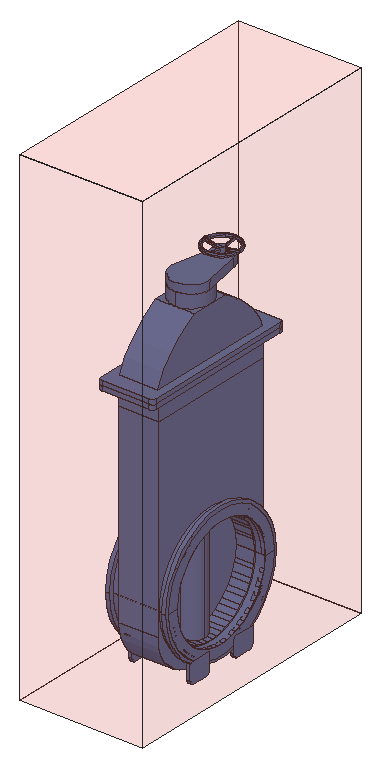
Revit family "Поли-Групп_ЗадвижкаКлиноваяEAZ-МК-F4(ВS)_DN700-1600", category Арматура трубопроводов, Revit 2019
Family settings
  Размер круглого соединителя = Использовать диаметр
  Тип детали = Клапан - Вставляется
  На основе рабочей плоскости = Нет
  Всегда вертикально = Да
  При загрузке вырезать с полостями = Нет
  Общий = Нет
Parameters (values of type "Загрузите типоразмеры из каталог семейств")
  с = H1 - D * 0.5  # 65 mm
  Тип присоединения = "Фланцевое"  # constant formula
  Тип привода = "Редуктор"  # constant formula
  Температура рабочей среды = "0 до +70°С"  # constant formula
  ТВ = "Поли-Групп_ЗадвижкаКлиноваяEAZ-МК-F4(ВS)_DN700-1600"  # constant formula
  Срок службы = "50 лет"  # constant formula
  Сервисная зона_Вкл_Выкл [instance] = yes
  Разработчик = "https://3dbim.pro/"
  Рабочая среда = "Техническая вода, канализационные стоки, морская вода"  # constant formula
  Покрытие = "Высококачественное эпоксидное покрытие толщиной 300 мкм"  # constant formula
  Корпус_Глубина = A * 0.8  # 1174.4 mm
  R1 = R * 10  # 390 mm
  L2 = L1 * 0.3  # 210 mm
  L1 = size_lookup(ТВ, "L1", 500 mm, DN, PN)  # 700 mm
  D1 = size_lookup(ТВ, "D1", 340 mm, DN, PN)  # 1160 mm
  A = size_lookup(ТВ, "A", 340 mm, DN, PN)  # 1468 mm
  l3 = L * 0.9  # 495 mm
  Назначение = "Для установки в качестве запорного устройства на трубопроводах"  # constant formula
  Материал уплотнителя = "PTFE"  # constant formula
  Материал Диска = "Высокопрочный чугун с шаровидным графитом (GGG-40)"  # constant formula
  d1 = DN / 4  # 250 mm
  Класс герметичности = "А по ГОСТ Р 9544-2015"  # constant formula
  Manufacturer = ""
  h2 = H2 * 0.7  # 1736 mm
  Габаритные размеры = size_lookup(ТВ, "Габаритные размеры", "нет данных", DN, PN)  # "1230х550х3160"
  t = h2 * 0.1  # 173.6 mm
  l2 = L * 0.65  # 357.5 mm
  l1 = L * 0.6  # 330 mm
  b = size_lookup(ТВ, "b", 20 mm, DN, PN)  # 40 mm
  PN = 10.0 bar
  H1 = size_lookup(ТВ, "H1", 40 mm, DN, PN)  # 680 mm
  D2 = size_lookup(ТВ, "D2", 295 mm, DN, PN)  # 1112 mm
  f = size_lookup(ТВ, "f", 3 mm, DN, PN)  # 5 mm
  URL = ""
  R = size_lookup(ТВ, "R", 40 mm, DN, PN)  # 39 mm
  L = size_lookup(ТВ, "L", 500 mm, DN, PN)  # 550 mm
  Kv = size_lookup(ТВ, "Kv", 1.0 m³/h, DN, PN)  # 1.0 m³/h
  H2 = size_lookup(ТВ, "H2", 250 mm, DN, PN)  # 2480 mm
  D_Наружный = DN + 9 mm  # 1009 mm
  DN = 1000 mm
  D = size_lookup(ТВ, "D", 340 mm, DN, PN)  # 1230 mm
  ADSK_Расход жидкости [instance] = 0.0 m³/h
  ADSK_Примечание = ""
  ADSK_Потеря давления жидкости [instance] = (ADSK_Расход жидкости / Kv) ^ 2 * 1.0 bar  # 0.0 bar
  ADSK_Позиция = ""
  ADSK_Обозначение = ""
  ADSK_Наименование краткое = size_lookup(ТВ, "ADSK_Наименование краткое", "нет данных", DN, PN)  # "Задвижка клиновая EAZ MK F4 DN1000 PN10"
  ADSK_Наименование = size_lookup(ТВ, "ADSK_Наименование", "нет данных", DN, PN)  # "Задвижка клиновая с металлическим уплотнением EAZ MK F4 для сточных вод фланцевая DN1000 PN10"
  ADSK_Материал наименование = "Высокопрочный чугун с шаровидным графитом (GGG-40)"  # constant formula
  ADSK_Материал = Высокопрочный чугун GGG-40
  ADSK_Масса_Текст = size_lookup(ТВ, "ADSK_Масса_Текст", "нет данных", DN, PN)  # "3175"
  ADSK_Масса = size_lookup(ТВ, "ADSK_Масса", 0, DN)  # 3175
  ADSK_Марка = size_lookup(ТВ, "ADSK_Код изделия", "нет данных", DN, PN)  # "EAZ-GV-2-F4 DN1000 PN10"
  ADSK_Количество = 1  # constant formula
  ADSK_Код изделия = ""
  ADSK_Завод-изготовитель = "ООО ПК «Поли-Групп»"  # constant formula
  ADSK_Единица измерения = "шт"  # constant formula
  ADSK_Версия Revit = "2019"  # constant formula
  ADSK_URL страницы изделия = "https://www.polycorr.ru/"
Reference planes
  plane 1 "По центру (Вперед/Назад)": y = 0
  plane 2: z = 0
  plane 3 "По центру (Влево/Вправо)": x = 0
  plane 4: y = 500
  plane 5: y = -500
  plane 6: x = -275
  plane 7: x = 275
  plane 8: x = -154
  plane 9: x = 154
  plane 10: y = 556
  plane 11: y = -556
  plane 12: y = 587.2
  plane 13: y = -587.2
  plane 14 "Корпус": z = 1736
  plane 15: z = 1696
  plane 16: z = 1522.4
  plane 17: x = -178.75
  plane 18: x = 178.75
  plane 19: x = -165
  plane 20: x = 165
  plane 21: y = 734
  plane 22: y = -734
  plane 23: x = 247.5
  plane 24: x = -247.5
  plane 25: y = 587.2
  plane 26: y = -587.2
  plane 27: x = -5
  plane 28: x = 5
  plane 29: z = 500
  plane 30: z = -500
  plane 31 "Штурвал": z = 2480
  plane 32: y = -350
  plane 33: y = 350
  plane 34: z = -680
  plane 35: z = -615
  plane 36: y = -140
  plane 37: y = 140
Forms (mm)
  Revolve 1, solid, material "Высокопрочный чугун GGG-40" <- "ADSK_Материал", detail levels fine
    sketch origin (0, 0, 0) x (1, 0, 0) y (0, 1, 0)
      loop
        line (-275, 587.2) -> (-275, 0) -> (275, 0) -> (275, 587.2) -> (-275, 587.2)
      axis (-275, 0) -> (275, 0)
    angle from 0 to 360
  Extrusion 2, solid, material "Высокопрочный чугун GGG-40" <- "ADSK_Материал", detail levels fine
    sketch origin (-117.677, -1524, 1696) x (-1, 0, 0) y (0, -1, 0)
      loop
        arc (90.823, -2258) -> (118.4, -2246.577) -> (129.823, -2219) r 39
        line (129.823, -2219) -> (129.823, -829)
        arc (129.823, -829) -> (118.4, -801.423) -> (90.823, -790) r 39
        line (90.823, -790) -> (-326.177, -790)
        arc (-326.177, -790) -> (-353.755, -801.423) -> (-365.177, -829) r 39
        line (-365.177, -829) -> (-365.177, -2219)
        arc (-365.177, -2219) -> (-353.755, -2246.577) -> (-326.177, -2258) r 39
        line (-326.177, -2258) -> (90.823, -2258)
    from 0 to 40
  Extrusion 3, solid, material "Высокопрочный чугун GGG-40" <- "ADSK_Материал", detail levels fine
    sketch origin (-117.677, -1524, 1522.4) x (-1, 0, 0) y (0, -1, 0)
      loop
        line (61.073, -936.8) -> (-296.427, -936.8) -> (-296.427, -2111.2) -> (61.073, -2111.2) -> (61.073, -936.8)
    from 0 to 173.6
  Extrusion 4, void
    sketch origin (-154, 168.089, 1200) x (0, -1, 0) y (0, 0, 1)
      loop
        circle (168.089, -1200) r 500
    from 121 to -429
  Extrusion 5, solid, material "Высокопрочный чугун GGG-40" <- "ADSK_Материал", detail levels fine
    sketch origin (0, 0, 0) x (0, 1, 0) y (0, 0, 1)
      loop
        circle (0, 0) r 500
    from -5 to 5
  Extrusion 6, solid, material "Высокопрочный чугун GGG-40" <- "ADSK_Материал", detail levels fine
    sketch origin (0, 0, 0) x (1, 0, 0) y (0, 1, 0)
      loop
        circle (0, 0) r 125
    from -500 to 500
  Extrusion 7, solid, material "Высокопрочный чугун GGG-40" <- "ADSK_Материал", detail levels fine
    sketch origin (0, 0, 0) x (0, 1, 0) y (0, 0, 1)
      loop
        line (-587.2, 1522.4) -> (-587.2, -225)
        arc (-587.2, -225) -> (-472.972, -500.772) -> (-197.2, -615) r 390
        line (-197.2, -615) -> (197.2, -615)
        arc (197.2, -615) -> (472.972, -500.772) -> (587.2, -225) r 390
        line (587.2, -225) -> (587.2, 1522.4) -> (-587.2, 1522.4)
    from -178.75 to 178.75
  Extrusion 8, solid, material "Высокопрочный чугун GGG-40" <- "ADSK_Материал", detail levels fine
    sketch origin (0, 0, 0) x (0, 1, 0) y (0, 0, 1)
      loop
        arc (-180, -680) -> (-151.716, -668.284) -> (-140, -640) r 40
        line (-140, -640) -> (-140, -500) -> (-350, -500) -> (-350, -640)
        arc (-350, -640) -> (-338.284, -668.284) -> (-310, -680) r 40
        line (-310, -680) -> (-180, -680)
      loop
        arc (310, -680) -> (338.284, -668.284) -> (350, -640) r 40
        line (350, -640) -> (350, -500) -> (140, -500) -> (140, -640)
        arc (140, -640) -> (151.716, -668.284) -> (180, -680) r 40
        line (180, -680) -> (310, -680)
    from 247.5 to 275
  Extrusion 9, solid, material "Высокопрочный чугун GGG-40" <- "ADSK_Материал", detail levels fine
    sketch origin (0, 0, 0) x (0, 1, 0) y (0, 0, 1)
      loop
        line (-350, -500) -> (-350, -640)
        arc (-350, -640) -> (-338.284, -668.284) -> (-310, -680) r 40
        line (-310, -680) -> (-180, -680)
        arc (-180, -680) -> (-151.716, -668.284) -> (-140, -640) r 40
        line (-140, -640) -> (-140, -500) -> (-350, -500)
      loop
        line (350, -500) -> (140, -500) -> (140, -640)
        arc (140, -640) -> (151.716, -668.284) -> (180, -680) r 40
        line (180, -680) -> (310, -680)
        arc (310, -680) -> (338.284, -668.284) -> (350, -640) r 40
        line (350, -640) -> (350, -500)
    from -275 to -247.5
Cuts and joins
  Extrusion 4 cuts Revolve 1
  Extrusion 4 cuts Extrusion 7
Dimensions and locks
  equal spacing: plane 4, plane 1 "По центру (Вперед/Назад)", plane 5
  "DN": plane 4 to plane 5
  equal spacing: plane 10, plane 1 "По центру (Вперед/Назад)", plane 11
  "D2": plane 10 to plane 11
  equal spacing: plane 12, plane 1 "По центру (Вперед/Назад)", plane 13
  "Корпус_Глубина": plane 12 to plane 13
  "b": plane 14 "Корпус" to plane 15
  "h2": plane 14 "Корпус" to plane 2
  equal spacing: plane 19, plane 3 "По центру (Влево/Вправо)", plane 20
  "l1": plane 19 to plane 20
  equal spacing: plane 17, plane 3 "По центру (Влево/Вправо)", plane 18
  "l2": plane 17 to plane 18
  equal spacing: plane 21, plane 1 "По центру (Вперед/Назад)", plane 22
  "A": plane 21 to plane 22
  equal spacing: plane 24, plane 3 "По центру (Влево/Вправо)", plane 23
  "l3": plane 24 to plane 23
  "Корпус_Глубина": plane 25 to plane 26
  equal spacing: plane 26, plane 1 "По центру (Вперед/Назад)", plane 25
  equal spacing: plane 28, plane 3 "По центру (Влево/Вправо)", plane 27
  locked: plane 28 to plane 3 "По центру (Влево/Вправо)" at 5
  "t": plane 15 to plane 16
  equal spacing: plane 29, level, plane 30
  "DN": plane 29 to plane 30
  "H2": plane 31 "Штурвал" to level
  equal spacing: plane 6, nested 3, plane 7
  "L": plane 6 to plane 7
  equal spacing: plane 6, plane 3 "По центру (Влево/Вправо)", plane 7
  equal spacing: plane 32, plane 1 "По центру (Вперед/Назад)", plane 33
  "L1": plane 32 to plane 33
  "H1": level to plane 34
  "с": plane 35 to plane 34
  "L2": plane 32 to plane 36
  "L2": plane 37 to plane 33
  "R": radius of Extrusion 2 sketch curve  (x4)
  "DN": diameter of Extrusion 4 sketch curve
  "DN": diameter of Extrusion 5 sketch curve
  "d1": diameter of Extrusion 6 sketch curve
  "R1": radius of Extrusion 7 sketch curve  (x2)
  radius of Extrusion 8 sketch curve = 40 mm  (x4)
  radius of Extrusion 9 sketch curve = 40 mm  (x4)
  aligned and locked: level to plane 2
  aligned and locked: Revolve 1 sketch curve to plane 12
  aligned and locked: plane 1 "По центру (Вперед/Назад)" to Revolve 1 sketch curve
  aligned and locked: Extrusion 2 sketch curve to plane 21
  aligned and locked: Extrusion 2 sketch curve to plane 24
  aligned and locked: plane 22 to Extrusion 2 sketch curve
  aligned and locked: Extrusion 2 sketch curve to plane 23
  aligned and locked: plane 14 "Корпус" to Extrusion 2
  aligned and locked: plane 26 to Extrusion 3 sketch curve
  aligned and locked: Extrusion 3 sketch curve to plane 17
  aligned and locked: Extrusion 3 sketch curve to plane 25
  aligned and locked: Extrusion 3 sketch curve to plane 18
  aligned and locked: Revolve 1 sketch curve to plane 1 "По центру (Вперед/Назад)"
  aligned and locked: nested 1 to plane 1 "По центру (Вперед/Назад)"
  aligned and locked: plane 1 "По центру (Вперед/Назад)" to nested 2
  aligned and locked: Extrusion 5 to plane 27
  aligned and locked: Extrusion 5 to plane 28
  aligned and locked: Extrusion 3 to plane 15
  aligned and locked: Extrusion 6 to plane 30
  aligned and locked: plane 29 to Extrusion 6
  aligned and locked: plane 1 "По центру (Вперед/Назад)" to nested 3
  aligned and locked: plane 7 to nested 2
  aligned and locked: Revolve 1 sketch curve to plane 7
  aligned and locked: cut or joined group of Revolve 1, Extrusion 4 to plane 6
  aligned and locked: Extrusion 4 to plane 6
  aligned and locked: plane 7 to Extrusion 4
  aligned and locked: nested 1 to plane 6
  aligned and locked: plane 3 "По центру (Влево/Вправо)" to nested 4
  aligned and locked: plane 1 "По центру (Вперед/Назад)" to nested 4
  aligned and locked: nested 4 to level
  aligned and locked: plane 3 "По центру (Влево/Вправо)" to nested 5
  aligned and locked: nested 5 to level
  aligned and locked: plane 3 "По центру (Влево/Вправо)" to nested 6
  aligned and locked: Extrusion 7 sketch curve to Extrusion 3  (x2)
  aligned and locked: plane 35 to Extrusion 7 sketch curve
  aligned and locked: Extrusion 7 sketch curve to plane 12
  aligned and locked: Extrusion 7 to plane 17
  aligned and locked: Extrusion 7 to plane 18
  aligned and locked: plane 34 to Extrusion 8 sketch curve  (x2)
  aligned and locked: Extrusion 8 sketch curve to plane 30
  aligned and locked: plane 32 to Extrusion 8 sketch curve
  aligned and locked: Extrusion 8 sketch curve to plane 33
  aligned and locked: Extrusion 6 to Extrusion 8 sketch curve
  aligned and locked: plane 37 to Extrusion 8 sketch curve
  aligned and locked: plane 7 to Extrusion 8
  aligned and locked: Extrusion 8 to plane 23
  aligned and locked: Extrusion 9 sketch curve to plane 30
  aligned and locked: plane 32 to Extrusion 9 sketch curve
  aligned and locked: plane 34 to Extrusion 9 sketch curve
  aligned and locked: Extrusion 9 sketch curve to plane 36
  aligned and locked: plane 30 to Extrusion 9 sketch curve
  aligned and locked: plane 33 to Extrusion 9 sketch curve
  aligned and locked: Extrusion 9 sketch curve to plane 34
  aligned and locked: Extrusion 9 sketch curve to plane 37
  aligned and locked: Extrusion 9 to plane 24
  aligned and locked: Extrusion 9 to plane 6
Automatic sketch dimensions
  Revolve 1 sketch curve to plane 6 = 14 mm
  Revolve 1 sketch curve to plane 7 = 5 mm
  Revolve 1 sketch curve to plane 6 = 0 mm
  Extrusion 8 sketch curve to plane 36 = 0 mm
  Extrusion 9 sketch curve to plane 36 = 0 mm
  Extrusion 4 sketch curve to level = 0 mm
  Extrusion 4 sketch curve to plane 1 "По центру (Вперед/Назад)" = 0 mm
  Extrusion 5 sketch curve to level = 0 mm
  Extrusion 5 sketch curve to plane 1 "По центру (Вперед/Назад)" = 0 mm
  plane 1 "По центру (Вперед/Назад)" to Extrusion 6 sketch curve = 0 mm
  Extrusion 6 sketch curve to plane 3 "По центру (Влево/Вправо)" = 0 mm
Nested families
  nested 1: "Вл_Фланец" at (-235, 0, 0) x (-1, 0, 0) z (0, 0, 1), type "Вл_Фланец", detail levels fine
    with D2 1112 mm, D 1230 mm, b 40 mm, DN 1000 mm
  nested 2: "Вл_Фланец" at (235, 0, 0), type "Вл_Фланец", detail levels fine
    with D2 1112 mm, D 1230 mm, b 40 mm, DN 1000 mm
  nested 3: "Вл_КрышкаКорпусаРедуктор" at (0, 0, 1736), type "Вл_КрышкаКорпусаРедуктор", detail levels fine
  nested 4: "УГО_АТ_Задвижка" at (-0.685, 0, 0) x (1, 0, 0) z (0, -1, 0), type "УГО_АТ_Задвижка", detail levels coarse+medium
    with УГО_Длина 550 mm, b 158.771 mm
  nested 5: "УГО_ЭУ_Задвижка" at (0, 0, 0) x (1, 0, 0) z (0, -1, 0), type "УГО_ЭУ_Задвижка", detail levels coarse+medium
    with УГО_Длина 550 mm, b 158.771 mm
  nested 6: "Вл_СервиснаяЗона" at (0, 0, -19.073), visible <- "Сервисная зона_Вкл_Выкл", ВысотаНадОсью <- "H2", ВысотаПодОсью <- "H1", Длина <- "L", ДиаметрФланца <- "D", type "Вл_СервиснаяЗона", detail levels fine
    with СЗ_ШиринаНазад 1230 mm, СЗ_ШиринаВперед 1230 mm, СЗ_Длина 1100 mm, СЗ_ВысотаПодОсью 680 mm, СЗ_ВысотаНадОсью 3720 mm, Длина 550 mm, ДиаметрФланца 1230 mm, ВысотаПодОсью 680 mm, ВысотаНадОсью 2480 mm, on_off yes
Connectors
  piping at (275, 0, 0), diameter 1000, driven by "DN", driven by "ADSK_Расход жидкости"
    settings: on cut or joined group of Revolve 1, Extrusion 4, index 1, connector inside diameter 609.6 mm, connector length 0 mm, flow factor 0, pipe flow 0.0 m³/h, pressure drop 0.0 bar, fitting loss kfactor 0, connector angle 0.00°, fixture units 0, engagement length 0 mm, angle of deflection 0.00°, flow configuration 0, flow direction 0, fitting loss method 0, system type 29, joint type 0, gender type 0, connector reference index 2, connector utility 0, adjustable connector no, is connector primary yes, connector description ""
  piping at (-275, 0, 0), diameter 1000, driven by "DN", driven by "ADSK_Расход жидкости", driven by "ADSK_Потеря давления жидкости"
    settings: on cut or joined group of Revolve 1, Extrusion 4, index 2, connector inside diameter 609.6 mm, connector length 0 mm, flow factor 0, pipe flow 0.0 m³/h, pressure drop 0.0 bar, fitting loss kfactor 0, connector angle 0.00°, fixture units 0, engagement length 0 mm, angle of deflection 0.00°, flow configuration 0, flow direction 0, fitting loss method 4, system type 29, joint type 0, gender type 0, connector reference index 1, connector utility 0, adjustable connector no, is connector primary no, connector description ""
Definition of nested family "Вл_Фланец"
  Parameters (values of type "Вл_Фланец")
    Материал = none
    Manufacturer = ""
    D2 = 682 mm
    f = 5 mm
    URL = ""
    D = 780 mm
    b = 36 mm
    DN = 600 mm
  Reference planes
    plane 1 "По центру (Вперед/Назад)": y = 0
    plane 2: z = 0
    plane 3 "По центру (Влево/Вправо)": x = 0
    plane 4: x = 31
    plane 5: x = 36
  Forms (mm)
    Extrusion 1, solid, material <- "Материал"
      sketch origin (0, 0, 0) x (0, 1, 0) y (0, 0, 1)
        loop
          circle (0, 1.343) r 390
        loop
          circle (0, 0) r 300
      from 0 to 31
    Extrusion 2, solid, material <- "Материал"
      sketch origin (31, 232.183, 1200) x (0, 1, 0) y (0, 0, 1)
        loop
          circle (-232.183, -1200) r 341
        loop
          circle (-232.183, -1200) r 300
      from 0 to 5
  Dimensions and locks
    "f": plane 4 to plane 5
    "b": plane 3 "По центру (Влево/Вправо)" to plane 5
    "D": diameter of Extrusion 1 sketch curve
    "DN": diameter of Extrusion 1 sketch curve
    "DN": diameter of Extrusion 2 sketch curve
    "D2": diameter of Extrusion 2 sketch curve
    aligned and locked: level to plane 2
    aligned and locked: Extrusion 1 to plane 4
    aligned and locked: Extrusion 2 to plane 5
  Automatic sketch dimensions
    Extrusion 1 sketch curve to level = 0 mm
    Extrusion 1 sketch curve to plane 1 "По центру (Вперед/Назад)" = 0 mm  (x2)
    level to Extrusion 1 sketch curve = 1.343 mm
    Extrusion 2 sketch curve to Extrusion 2 sketch curve = 0 mm  (x2)
    Extrusion 2 sketch curve to level = 0 mm
    Extrusion 2 sketch curve to plane 1 "По центру (Вперед/Назад)" = 0 mm
Definition of nested family "Вл_КрышкаКорпусаРедуктор"
  Parameters (values of type "Вл_КрышкаКорпусаРедуктор")
    Штурвал_Высота = DO * 0.25  # 80 mm
    Редуктор_Длина = Редуктор_Вал_r1 * 2  # 346.5 mm
    Редуктор_Высота = H2 * 0.03  # 74.4 mm
    Крышка_Ширина = l3 * 0.7  # 346.5 mm
    Крышка_Глубина = A * 0.8  # 1174.4 mm
    ТВ = "Поли-Групп_ЗадвижкаКлиноваяEAZ-МК-F4(ВS)_DN700-1600"  # constant formula
    Редуктор_Вал_r1 = Крышка_Ширина * 0.5  # 173.25 mm
    l3 = L * 0.9  # 495 mm
    Default Elevation = 1219.2 mm
    Материал = none
    h2 = 1736 mm
    Manufacturer = ""
    PN = 10.0 bar
    A = size_lookup(ТВ, "A", 500 mm, DN, PN)  # 1468 mm
    Крышка_Высота = КрышкаКорпуса_Высота * 0.8  # 471.68 mm
    КрышкаКорпуса_Высота = H2 - h2 - Редуктор_Высота - Штурвал_Высота  # 589.6 mm
    Верх_Глубина = Редуктор_Вал_r2 / 5  # 20.79 mm
    b = size_lookup(ТВ, "b", 20 mm, DN, PN)  # 40 mm
    URL = ""
    R = size_lookup(ТВ, "R", 40 mm, DN, PN)  # 39 mm
    L = size_lookup(ТВ, "L", 500 mm, DN, PN)  # 550 mm
    H2 = size_lookup(ТВ, "H2", 250 mm, DN, PN)  # 2480 mm
    Редуктор_Вал_r2 = Крышка_Ширина * 0.3  # 103.95 mm
    DO = 320 mm  # constant formula
    DN = 1000 mm
    D = size_lookup(ТВ, "D", 340 mm, DN, PN)  # 1230 mm
  Reference planes
    plane 1 "По центру (Вперед/Назад)": y = 0
    plane 2: z = 0
    plane 3 "По центру (Влево/Вправо)": x = 0
    plane 4: y = 734
    plane 5: y = -734
    plane 6: x = 247.5
    plane 7: x = -247.5
    plane 8: z = 40
    plane 9: x = 46.6
    plane 10: x = -46.6
    plane 11: y = 64.5
    plane 12 "1": y = -55
    plane 13: z = 471.68
    plane 14 "ШляпаНиз2": y = 587.2
    plane 15 "ШляпаНиз1": y = -587.2
    plane 16: x = 173.25
    plane 17: x = -173.25
    plane 18: x = 51.975
    plane 19: x = -51.975
    plane 20: y = 173.25
    plane 21: y = -173.25
    plane 22: z = 589.6
    plane 23: z = 235.84
    plane 24: z = 119.481
    plane 25 "Штурвал2": z = 664
    plane 26 "Штурвал": y = 346.5
  Forms (mm)
    Extrusion 1, solid, material <- "Материал"
      sketch origin (0, 0, 0) x (1, 0, 0) y (0, 1, 0)
        loop
          arc (-208.5, 734) -> (-236.077, 722.577) -> (-247.5, 695) r 39
          line (-247.5, 695) -> (-247.5, -695)
          arc (-247.5, -695) -> (-236.077, -722.577) -> (-208.5, -734) r 39
          line (-208.5, -734) -> (208.5, -734)
          arc (208.5, -734) -> (236.077, -722.577) -> (247.5, -695) r 39
          line (247.5, -695) -> (247.5, 695)
          arc (247.5, 695) -> (236.077, 722.577) -> (208.5, 734) r 39
          line (208.5, 734) -> (-208.5, 734)
      from 0 to 40
    Extrusion 2, solid, material <- "Материал"
      sketch origin (0, 76.451, 471.68) x (0, 1, 0) y (-1, 0, 0)
        loop
          circle (-76.451, 0) r 173.25
      from 0 to 117.92
    Extrusion 3, solid, material <- "Материал"
      sketch origin (0, 0, 0) x (0, 1, 0) y (0, 0, 1)
        loop
          spline (-173.25, 471.68) -> (-226.206, 438.862) -> (-275.805, 405.471) -> (-322.048, 371.505) -> (-364.935, 336.966) -> (-404.465, 301.853) -> (-440.639, 266.167) -> (-473.457, 229.907) -> (-502.918, 193.073) -> (-529.023, 155.665) -> (-551.772, 117.684) -> (-571.164, 79.129) -> (-587.2, 40)
          line (-587.2, 40) -> (587.2, 40)
          spline (587.2, 40) -> (571.164, 79.129) -> (551.772, 117.684) -> (529.023, 155.665) -> (502.918, 193.073) -> (473.457, 229.907) -> (440.639, 266.167) -> (404.465, 301.853) -> (364.935, 336.966) -> (322.048, 371.505) -> (275.805, 405.471) -> (226.206, 438.862) -> (173.25, 471.68)
          line (173.25, 471.68) -> (-173.25, 471.68)
      from -173.25 to 173.25
    Extrusion 4, solid, material <- "Материал"
      sketch origin (0, 0, 0) x (1, 0, 0) y (0, 1, 0)
        loop
          arc (-173.25, 0) -> (0, -173.25) -> (173.25, 0) r 173.25
          line (173.25, 0) -> (103.95, 346.5)
          arc (103.95, 346.5) -> (0, 450.45) -> (-103.95, 346.5) r 103.95
          line (-103.95, 346.5) -> (-173.25, 0)
      from 664 to 589.6
  Dimensions and locks
    equal spacing: plane 7, plane 3 "По центру (Влево/Вправо)", plane 6
    "l3": plane 7 to plane 6
    equal spacing: plane 4, plane 1 "По центру (Вперед/Назад)", plane 5
    "A": plane 4 to plane 5
    "b": plane 8 to plane 2
    "Крышка_Высота": plane 13 to plane 2
    equal spacing: plane 17, plane 3 "По центру (Влево/Вправо)", plane 16
    "Крышка_Ширина": plane 17 to plane 16
    equal spacing: plane 14 "ШляпаНиз2", plane 1 "По центру (Вперед/Назад)", plane 15 "ШляпаНиз1"
    "Крышка_Глубина": plane 14 "ШляпаНиз2" to plane 15 "ШляпаНиз1"
    equal spacing: plane 20, plane 1 "По центру (Вперед/Назад)", plane 21
    equal spacing: plane 19, plane 3 "По центру (Влево/Вправо)", plane 18
    "Крышка_Ширина": plane 20 to plane 21
    "Редуктор_Вал_r2": plane 19 to plane 18
    "КрышкаКорпуса_Высота": plane 22 to plane 2
    "Редуктор_Высота": plane 25 "Штурвал2" to plane 22
    equal spacing: plane 13, plane 23, level
    "Редуктор_Длина": plane 1 "По центру (Вперед/Назад)" to plane 26 "Штурвал"
    "R": radius of Extrusion 1 sketch curve  (x4)
    "Крышка_Ширина": diameter of Extrusion 2 sketch curve
    "Редуктор_Вал_r1": radius of Extrusion 4 sketch curve
    "Редуктор_Вал_r2": radius of Extrusion 4 sketch curve
    aligned and locked: level to plane 2
    aligned and locked: Extrusion 1 sketch curve to plane 4
    aligned and locked: plane 7 to Extrusion 1 sketch curve
    aligned and locked: plane 5 to Extrusion 1 sketch curve
    aligned and locked: Extrusion 1 sketch curve to plane 6
    aligned and locked: Extrusion 1 to plane 8
    aligned and locked: plane 22 to Extrusion 2
    aligned and locked: Extrusion 3 sketch curve to plane 13
    aligned and locked: plane 14 "ШляпаНиз2" to Extrusion 3 sketch curve
    aligned and locked: plane 15 "ШляпаНиз1" to Extrusion 3 sketch curve
    aligned and locked: Extrusion 3 to plane 8
    aligned and locked: plane 17 to Extrusion 3
    aligned and locked: plane 16 to Extrusion 3
    aligned and locked: plane 21 to Extrusion 3 sketch curve
    aligned and locked: plane 20 to Extrusion 3 sketch curve
    aligned and locked: plane 13 to Extrusion 3 sketch curve
    aligned and locked: plane 25 "Штурвал2" to Extrusion 4
    aligned and locked: Extrusion 4 to plane 22
    aligned and locked: nested 1 to plane 25 "Штурвал2"
    aligned and locked: plane 17 to Extrusion 4 sketch curve
    aligned and locked: plane 26 "Штурвал" to Extrusion 4 sketch curve  (x2)
    aligned and locked: plane 1 "По центру (Вперед/Назад)" to Extrusion 4 sketch curve  (x2)
    aligned and locked: plane 26 "Штурвал" to nested 1
    aligned and locked: plane 3 "По центру (Влево/Вправо)" to nested 1
  Automatic sketch dimensions
    Extrusion 3 sketch curve to plane 8 = 0 mm
    plane 1 "По центру (Вперед/Назад)" to Extrusion 2 sketch curve = 0 mm
    Extrusion 2 sketch curve to plane 3 "По центру (Влево/Вправо)" = 0 mm
    Extrusion 4 sketch curve to plane 3 "По центру (Влево/Вправо)" = 0 mm
  Nested families
    nested 1: "Вл_Штурвал" at (0, 346.5, 664), type "Вл_Штурвал"
      with Штурвал_Осьd 300.8 mm, Штурвал_Высота 80 mm, Штурвал_КольцоШирина 19.2 mm, Держалка_Ширина/2 8 mm, Держалка_Ширина 16 mm, Держалка_d 272 mm, Держалка_Отступ 3.2 mm, Штурвал_ВнКольцоВысота 38.4 mm, Штурвал_ВнВысота 52 mm, DO 320 mm, Штурвал_Скруглений_r 6.336 mm, Штурвал_ВнКольцо_r 32 mm, Штурвал_Стойка_D 32 mm, D_Гайка 21.333 mm, DN 300 mm
  Definition of nested family "Вл_Штурвал"
    Parameters (values of type "Вл_Штурвал")
      Штурвал_Осьd = DO - Штурвал_КольцоШирина  # 188 mm
      Штурвал_Высота = DO * 0.25  # 50 mm
      Штурвал_КольцоШирина = DO * 0.06  # 12 mm
      Держалка_Ширина/2 = Держалка_Ширина * 0.5  # 5 mm
      Держалка_Ширина = Штурвал_КольцоШирина / 1.2  # 10 mm
      Держалка_d = Штурвал_Осьd - Штурвал_КольцоШирина * 1.5  # 170 mm
      Держалка_Отступ = Штурвал_Стойка_D * 0.1  # 2 mm
      Default Elevation = 1219.2 mm
      Материал_Штурвал = none
      Manufacturer = ""
      Штурвал_ВнКольцоВысота = Штурвал_ВнКольцо_r * 1.2  # 24 mm
      Штурвал_ВнВысота = Штурвал_Высота * 0.65  # 32.5 mm
      DO = 200 mm
      URL = ""
      Штурвал_Скруглений_r = Штурвал_КольцоШирина * 0.33  # 3.96 mm
      Штурвал_ВнКольцо_r = DO * 0.1  # 20 mm
      Штурвал_Стойка_D = Штурвал_Высота * 0.4  # 20 mm
      D_Гайка = Штурвал_ВнКольцо_r / 1.5  # 13.333 mm
      DN = 100 mm
    Reference planes
      plane 1 "По центру (Вперед/Назад)": y = 0
      plane 2: z = 0
      plane 3 "По центру (Влево/Вправо)": x = 0
      plane 4: x = 100
      plane 5: x = -100
      plane 6: y = 100
      plane 7: y = -100
      plane 8: z = 50
      plane 9: z = 38
      plane 10: x = 88
      plane 11: z = 41.5
      plane 12: z = 43
      plane 13: z = 17.5
      plane 14: x = 20
      plane 15: z = 19.5
    Forms (mm)
      Revolve 1, solid
        sketch origin (0, 0, 0) x (1, 0, 0) y (0, 0, 1)
          loop
            arc (91.96, 50) -> (89.16, 48.84) -> (88, 46.04) r 3.96
            line (88, 46.04) -> (88, 38) -> (100, 38) -> (100, 46.04)
            arc (100, 46.04) -> (98.84, 48.84) -> (96.04, 50) r 3.96
            line (96.04, 50) -> (91.96, 50)
          axis (0, 50) -> (0, 38)
        angle from 0 to 360
      Revolve 2, solid
        sketch origin (0, 0, 0) x (1, 0, 0) y (0, 0, 1)
          loop
            line (0, 41.5) -> (0, 17.5) -> (20, 17.5) -> (20, 41.5) -> (0, 41.5)
          axis (0, 41.5) -> (0, 17.5)
        angle from 0 to 360
      Extrusion 3, solid
        sketch origin (-128.236, -1524, 257.2) x (-1, 0, 0) y (0, -1, 0)
          loop
            circle (-128.236, -1524) r 10
        from -239.7 to -257.2
      Sweep 4, solid
        path in 3D
          loop
            line (0, 7.5, 19.5) -> (0, 85, 38) -> (0, 94, 38)
        profile "Вл_ПрофильШтурвала : Вл_ПрофильШтурвала" origin (0, 89.5, 38) x (0, 0, 1) y (1, 0, 0)
          loop
            arc (10, 1.667) -> (9.024, 4.024) -> (6.667, 5) r 3.333
            line (6.667, 5) -> (0, 5) -> (0, -5) -> (6.667, -5)
            arc (6.667, -5) -> (9.024, -4.024) -> (10, -1.667) r 3.333
            line (10, -1.667) -> (10, 1.667)
      Sweep 5, solid
        path in 3D
          loop
            line (-7.5, 0, 19.5) -> (-85, 0, 38) -> (-94, 0, 38)
        profile "Вл_ПрофильШтурвала : Вл_ПрофильШтурвала" origin (-89.5, 0, 38) x (0, 0, -1) y (0, -1, 0)
          loop
            arc (-10, -1.667) -> (-9.024, -4.024) -> (-6.667, -5) r 3.333
            line (-6.667, -5) -> (0, -5) -> (0, 5) -> (-6.667, 5)
            arc (-6.667, 5) -> (-9.024, 4.024) -> (-10, 1.667) r 3.333
            line (-10, 1.667) -> (-10, -1.667)
      Sweep 6, solid
        path in 3D
          loop
            line (0, -7.5, 19.5) -> (0, -85, 38) -> (0, -94, 38)
        profile "Вл_ПрофильШтурвала : Вл_ПрофильШтурвала" origin (0, -89.5, 38) x (0, 0, -1) y (1, 0, 0)
          loop
            arc (-10, -1.667) -> (-9.024, -4.024) -> (-6.667, -5) r 3.333
            line (-6.667, -5) -> (0, -5) -> (0, 5) -> (-6.667, 5)
            arc (-6.667, 5) -> (-9.024, 4.024) -> (-10, 1.667) r 3.333
            line (-10, 1.667) -> (-10, -1.667)
      Sweep 7, solid
        path in 3D
          loop
            line (7.5, 0, 19.5) -> (85, 0, 38) -> (94, 0, 38)
        profile "Вл_ПрофильШтурвала : Вл_ПрофильШтурвала" origin (89.5, 0, 38) x (0, 0, 1) y (0, -1, 0)
          loop
            arc (10, 1.667) -> (9.024, 4.024) -> (6.667, 5) r 3.333
            line (6.667, 5) -> (0, 5) -> (0, -5) -> (6.667, -5)
            arc (6.667, -5) -> (9.024, -4.024) -> (10, -1.667) r 3.333
            line (10, -1.667) -> (10, 1.667)
    Cuts and joins
      joined: Revolve 1, Revolve 2, Sweep 4, Sweep 5, Sweep 6, Sweep 7
    Lines and regions (mm)
      reference lines
        curve 1: circle (0, 0, 38) r 94 normal (0, 0, 1)
        curve 2: circle (0, 0, 19.5) r 10 normal (0, 0, 1)
        curve 3: circle (0, 0, 38) r 85 normal (0, 0, 1)
        curve 4: line (-7.5, 0, 19.5) -> (-85, 0, 38)
        curve 5: line (-85, 0, 38) -> (-94, 0, 38)
        curve 6: line (7.5, 0, 19.5) -> (85, 0, 38)
        curve 7: line (85, 0, 38) -> (94, 0, 38)
        curve 8: line (0, 7.5, 19.5) -> (0, 85, 38)
        curve 9: line (0, 85, 38) -> (0, 94, 38)
        curve 10: line (0, -7.5, 19.5) -> (0, -85, 38)
        curve 11: line (0, -85, 38) -> (0, -94, 38)
      sketch lines
        curve 12: line (0, 85, 38) -> (0, 94, 38)
        curve 13: line (0, 7.5, 19.5) -> (0, 85, 38)
        curve 14: line (-85, 0, 38) -> (-94, 0, 38)
        curve 15: line (-7.5, 0, 19.5) -> (-85, 0, 38)
        curve 16: line (0, -85, 38) -> (0, -94, 38)
        curve 17: line (0, -7.5, 19.5) -> (0, -85, 38)
        curve 18: line (85, 0, 38) -> (94, 0, 38)
        curve 19: line (7.5, 0, 19.5) -> (85, 0, 38)
    Dimensions and locks
      equal spacing: plane 6, plane 1 "По центру (Вперед/Назад)", plane 7
      "DO": plane 6 to plane 7
      equal spacing: plane 5, plane 3 "По центру (Влево/Вправо)", plane 4
      "DO": plane 5 to plane 4
      "Штурвал_КольцоШирина": plane 8 to plane 9
      "Штурвал_КольцоШирина": plane 4 to plane 10
      "Штурвал_ВнКольцоВысота": plane 11 to plane 13
      "Штурвал_ВнКольцо_r": plane 14 to plane 3 "По центру (Влево/Вправо)"
      "Держалка_Ширина/2": plane 12 to plane 9
      "Штурвал_ВнВысота": plane 8 to plane 13
      "Держалка_Отступ": plane 15 to plane 13
      "Штурвал_Высота": plane 8 to level
      "Штурвал_Стойка_D": diameter of Extrusion 3 sketch curve
      "Штурвал_Осьd": diameter of curve 1
      "Штурвал_ВнКольцо_r": diameter of curve 2
      "Штурвал_Скруглений_r": radius of Revolve 1 sketch curve  (x2)
      "Держалка_d": diameter of curve 3
      aligned and locked: level to plane 2
      aligned and locked: Revolve 1 sketch curve to plane 8
      aligned and locked: plane 10 to Revolve 1 sketch curve
      aligned and locked: plane 9 to Revolve 1 sketch curve
      aligned and locked: Revolve 1 sketch curve to plane 4
      aligned and locked: Revolve 1 sketch curve to plane 3 "По центру (Влево/Вправо)"
      aligned and locked: Revolve 2 sketch curve to plane 11
      aligned and locked: plane 3 "По центру (Влево/Вправо)" to Revolve 2 sketch curve
      aligned and locked: plane 13 to Revolve 2 sketch curve
      aligned and locked: Revolve 2 sketch curve to plane 14
      aligned and locked: Revolve 2 sketch curve to plane 3 "По центру (Влево/Вправо)"
      aligned and locked: curve 2 to curve 4
      aligned and locked: curve 4 to curve 3
      aligned and locked: curve 5 to curve 1
      aligned and locked: curve 2 to curve 6
      aligned and locked: curve 3 to curve 6
      aligned and locked: curve 1 to curve 7
      aligned and locked: curve 2 to curve 8
      aligned and locked: curve 3 to curve 8
      aligned and locked: curve 1 to curve 9
      aligned and locked: curve 2 to curve 10
      aligned and locked: curve 10 to curve 3
      aligned and locked: curve 11 to curve 1
      aligned and locked: Extrusion 3 to level
      aligned and locked: plane 13 to Extrusion 3
    Automatic sketch dimensions
      Revolve 2 sketch curve to plane 13 = 0 mm
      Revolve 2 sketch curve to Revolve 2 sketch curve = 70 mm
      plane 8 to Revolve 2 sketch curve = 40 mm
      plane 5 to curve 5 = 15 mm
      plane 5 to curve 5 = 6 mm
      curve 4 to plane 3 "По центру (Влево/Вправо)" = 7.5 mm
      plane 3 "По центру (Влево/Вправо)" to curve 6 = 7.5 mm
      curve 7 to plane 10 = 3 mm
      curve 7 to plane 4 = 6 mm
      curve 9 to plane 6 = 15 mm
      curve 8 to plane 1 "По центру (Вперед/Назад)" = 7.5 mm
      plane 1 "По центру (Вперед/Назад)" to curve 10 = 7.5 mm
      plane 7 to curve 11 = 15 mm
      plane 7 to curve 11 = 6 mm
      curve 9 to plane 6 = 6 mm
      plane 8 to Revolve 1 sketch curve = 4.2 mm
      Revolve 1 sketch curve to Revolve 1 sketch curve = 155.8 mm
      plane 1 "По центру (Вперед/Назад)" to Extrusion 3 sketch curve = 0 mm
      Extrusion 3 sketch curve to plane 3 "По центру (Влево/Вправо)" = 0 mm
      plane 1 "По центру (Вперед/Назад)" to curve 2 = 0 mm
      curve 2 to plane 3 "По центру (Влево/Вправо)" = 0 mm
      curve 1 to curve 3 = 0 mm  (x2)
      plane 1 "По центру (Вперед/Назад)" to curve 3 = 0 mm
      curve 3 to plane 3 "По центру (Влево/Вправо)" = 0 mm
Definition of nested family "УГО_АТ_Задвижка"
  Parameters (values of type "УГО_АТ_Задвижка")
    УГО_Длина = 210 mm
    b = (УГО_Длина / 2) * tan(30.00°)  # 60.622 mm
  Reference planes
    plane 1 "По центру (Вперед/Назад)": y = 0
    plane 2: z = 0
    plane 3 "По центру (Влево/Вправо)": x = 0.685
    plane 4: z = 60.622
    plane 5: z = -60.622
    plane 6: x = -104.315
    plane 7: x = 105.685
  Forms (mm)
    Extrusion 1, solid
      sketch origin (0, 0, 0) x (1, 0, 0) y (0, 0, 1)
        loop
          line (0.685, 0) -> (-104.315, 60.622) -> (-104.315, -60.622) -> (0.685, 0)
      from -1 to 1
    Extrusion 2, solid
      sketch origin (0, 0, 0) x (-1, 0, 0) y (0, 0, -1)
        loop
          line (-0.685, 0) -> (-105.685, 60.622) -> (-105.685, -60.622) -> (-0.685, 0)
      from -1 to 1
  Lines and regions (mm)
    model lines
      curve 1: line (0.685, 0, 60.622) -> (0.685, 0, -60.622)
  Dimensions and locks
    equal spacing: plane 4, level, plane 5
    "b": plane 4 to level
    equal spacing: plane 7, plane 3 "По центру (Влево/Вправо)", plane 6
    "УГО_Длина": plane 7 to plane 6
    locked: plane 2 to Extrusion 2 sketch curve (angle 30.00°)
    locked: Extrusion 2 sketch curve to plane 2 (angle 30.00°)
    locked: Extrusion 1 sketch curve to plane 2 (angle 30.00°)
    locked: plane 2 to Extrusion 1 sketch curve (angle 30.00°)
    aligned and locked: level to plane 2
    aligned and locked: curve 1 to plane 3 "По центру (Влево/Вправо)"
    aligned and locked: plane 4 to curve 1
    aligned and locked: plane 5 to curve 1
    aligned and locked: Extrusion 1 sketch curve to plane 6
    aligned and locked: Extrusion 2 sketch curve to plane 7
  Automatic sketch dimensions
    Extrusion 1 sketch curve to level = 0 mm
    Extrusion 1 sketch curve to plane 3 "По центру (Влево/Вправо)" = 0 mm
    Extrusion 2 sketch curve to level = 0 mm
    Extrusion 2 sketch curve to plane 3 "По центру (Влево/Вправо)" = 0 mm
Definition of nested family "Вл_СервиснаяЗона"
  Parameters (values of type "Вл_СервиснаяЗона")
    ДиаметрФланца [instance] = 1230 mm
    СЗ_ВысотаПодОсью [instance] = ВысотаПодОсью  # 680 mm
    СЗ_ВысотаНадОсью [instance] = ВысотаНадОсью * 1.5  # 3720 mm
    СЗ_ШиринаВперед [instance] = ДиаметрФланца  # 1230 mm
    Default Elevation = 1219.2 mm
    Материал = none
    Длина [instance] = 550 mm
    СЗ_Длина [instance] = Длина * 2  # 1100 mm
    ВысотаНадОсью [instance] = 2480 mm
    СЗ_ШиринаНазад [instance] = ДиаметрФланца  # 1230 mm
    ВысотаПодОсью [instance] = 680 mm
    on_off [instance] = yes
  Reference planes
    plane 1 "По центру (Вперед/Назад)": y = 0
    plane 2: z = 0
    plane 3 "По центру (Влево/Вправо)": x = 0
    plane 4: x = -550
    plane 5: x = 550
    plane 6: z = 3720
    plane 7: y = 1230
    plane 8: y = -1230
    plane 9: z = -680
  Forms (mm)
    Extrusion 1, solid, material <- "Материал", visible <- "on_off", detail levels fine
      sketch origin (0, 0, 0) x (1, 0, 0) y (0, 1, 0)
        loop
          line (-550, 1230) -> (-550, -1230) -> (550, -1230) -> (550, 1230) -> (-550, 1230)
      from -680 to 3720
  Lines and regions (mm)
    symbolic lines, visible <- "on_off", detail levels fine
      curve 1: line (-550, 0, 3720) -> (550, 0, 3720)
      curve 2: line (550, 0, 3720) -> (550, 0, -680)
      curve 3: line (-550, -1230, 0) -> (-550, 1230, 0)
      curve 4: line (550, 1230, 0) -> (550, -1230, 0)
  Dimensions and locks
    equal spacing: plane 4, plane 3 "По центру (Влево/Вправо)", plane 5
    "СЗ_Длина": plane 4 to plane 5
    "СЗ_ВысотаНадОсью": plane 6 to level
    "СЗ_ВысотаПодОсью": level to plane 9
    "СЗ_ШиринаВперед": plane 1 "По центру (Вперед/Назад)" to plane 8
    "СЗ_ШиринаНазад": plane 7 to plane 1 "По центру (Вперед/Назад)"
    aligned and locked: level to plane 2
    aligned and locked: Extrusion 1 sketch curve to plane 4
    aligned and locked: Extrusion 1 sketch curve to plane 5
    aligned and locked: curve 1 to plane 6
    aligned and locked: curve 2 to plane 5
    aligned and locked: curve 3 to plane 4
    aligned and locked: curve 4 to plane 5
    aligned and locked: plane 9 to curve 2
    aligned and locked: Extrusion 1 to plane 8
    aligned and locked: plane 7 to Extrusion 1
    aligned and locked: plane 6 to Extrusion 1
    aligned and locked: Extrusion 1 to plane 9
  Automatic sketch dimensions
    Extrusion 1 sketch curve to plane 8 = 0 mm
    Extrusion 1 sketch curve to plane 7 = 0 mm
    plane 8 to curve 4 = 0 mm
    curve 3 to plane 8 = 0 mm
    plane 7 to curve 4 = 0 mm
    curve 3 to plane 7 = 0 mm
    curve 1 to plane 4 = 0 mm
Definition of nested family "УГО_ЭУ_Задвижка"
  Parameters (values of type "УГО_ЭУ_Задвижка")
    УГО_Длина = 60 mm
    b = (УГО_Длина / 2) * tan(30.00°)  # 17.321 mm
  Reference planes
    plane 1 "По центру (Вперед/Назад)": y = 0
    plane 2: z = 0
    plane 3 "По центру (Влево/Вправо)": x = 0
    plane 4: x = -30
    plane 5: x = 30
    plane 6: y = 17.321
    plane 7: y = -17.321
  Lines and regions (mm)
    Filled region 1, type "Сплошная заливка - Белый", in view "Опорный уровень"
      outline origin (0, 0, 0) x (1, 0, 0) y (0, 1, 0)
        loop
          line (0, 0) -> (-30, 17.321) -> (-30, -17.321) -> (0, 0)
    Filled region 2, type "Сплошная заливка - Белый", in view "Опорный уровень"
      outline origin (0, 0, 0) x (1, 0, 0) y (0, 1, 0)
        loop
          line (0, 0) -> (30, -17.321) -> (30, 17.321) -> (0, 0)
    detail lines, in view "Опорный уровень"
      curve 1: line (0, 0, 0) -> (-30, 17.321, 0)
      curve 2: line (0, 0, 0) -> (-30, -17.321, 0)
      curve 3: line (-30, -17.321, 0) -> (-30, 17.321, 0)
      curve 4: line (0, 0, 0) -> (30, 17.321, 0)
      curve 5: line (0, 0, 0) -> (30, -17.321, 0)
      curve 6: line (30, -17.321, 0) -> (30, 17.321, 0)
      curve 7: line (0, -17.321, 0) -> (0, 17.321, 0)
  Dimensions and locks
    equal spacing: plane 4, plane 3 "По центру (Влево/Вправо)", plane 5
    "УГО_Длина": plane 4 to plane 5
    equal spacing: plane 6, plane 1 "По центру (Вперед/Назад)", plane 7
    "b": plane 6 to plane 1 "По центру (Вперед/Назад)"
    locked: plane 1 "По центру (Вперед/Назад)" to curve 4 (angle 30.00°)
    locked: curve 1 to plane 1 "По центру (Вперед/Назад)" (angle 30.00°)
    locked: plane 1 "По центру (Вперед/Назад)" to curve 2 (angle 30.00°)
    locked: curve 5 to plane 1 "По центру (Вперед/Назад)" (angle 30.00°)
    aligned and locked: plane 4 to curve 3
    aligned and locked: curve 6 to plane 5
    aligned and locked: Filled region 1 sketch curve to curve 1
    aligned and locked: Filled region 1 sketch curve to curve 3
    aligned and locked: Filled region 1 sketch curve to curve 2
    aligned and locked: Filled region 2 sketch curve to curve 4
    aligned and locked: Filled region 2 sketch curve to curve 6
    aligned and locked: Filled region 2 sketch curve to curve 5
    aligned and locked: plane 3 "По центру (Влево/Вправо)" to curve 7
    aligned and locked: plane 6 to curve 7
    aligned and locked: plane 7 to curve 7
  Automatic sketch dimensions
    plane 1 "По центру (Вперед/Назад)" to curve 2 = 0 mm
    curve 2 to plane 3 "По центру (Влево/Вправо)" = 0 mm
Types in the file's own list only (7): name | с | Корпус_Глубина | R1 | L2 | L1 | D1 | A | l3 | d1 | h2 | Габаритные размеры | t | l2 | l1 | b | PN | H1 | D2 | f | R | L | Kv | H2 | D_Наружный | DN | D | ADSK_Наименование краткое | ADSK_Наименование | ADSK_Масса_Текст | ADSK_Масса | ADSK_Марка
  10-700 | 33 мм | 909 мм | 307 мм | 144 мм | 480 мм | 840 мм | 1136 мм | 387 мм | 175 мм | 1313 мм | "895х430х2355" | 131 мм | 280 мм | 258 мм | 33 мм | 10.0 бары | 480 мм | 794 мм | 5 мм | 31 мм | 430 мм | 1.0 м³/ч | 1875 мм | 709 мм | 700 мм | 895 мм | "Задвижка клиновая EAZ MK F4 DN700 PN10" | "Задвижка клиновая с металлическим уплотнением EAZ MK F4 для сточных вод фланцевая DN700 PN10" | "1394" | 1394 | "EAZ-GV-2-F4 DN700 PN10"
  10-800 | 33 мм | 978 мм | 330 мм | 162 мм | 540 мм | 950 мм | 1223 мм | 423 мм | 200 мм | 1426 мм | "1015х470х2577" | 143 мм | 306 мм | 282 мм | 35 мм | 10.0 бары | 540 мм | 901 мм | 5 мм | 33 мм | 470 мм | 1.0 м³/ч | 2037 мм | 809 мм | 800 мм | 1015 мм | "Задвижка клиновая EAZ MK F4 DN800 PN10" | "Задвижка клиновая с металлическим уплотнением EAZ MK F4 для сточных вод фланцевая DN800 PN10" | "1780" | 1780 | "EAZ-GV-2-F4 DN800 PN10"
  10-900 | 88 мм | 1117 мм | 370 мм | 180 мм | 600 мм | 1050 мм | 1396 мм | 459 мм | 225 мм | 1541 мм | "1115х510х2846" | 154 мм | 332 мм | 306 мм | 38 мм | 10.0 бары | 645 мм | 1001 мм | 5 мм | 37 мм | 510 мм | 1.0 м³/ч | 2201 мм | 909 мм | 900 мм | 1115 мм | "Задвижка клиновая EAZ MK F4 DN900 PN10" | "Задвижка клиновая с металлическим уплотнением EAZ MK F4 для сточных вод фланцевая DN900 PN10" | "2510" | 2510 | "EAZ-GV-2-F4 DN900 PN10"
  10-1000 | 65 мм | 1174 мм | 390 мм | 210 мм | 700 мм | 1160 мм | 1468 мм | 495 мм | 250 мм | 1736 мм | "1230х550х3160" | 174 мм | 358 мм | 330 мм | 40 мм | 10.0 бары | 680 мм | 1112 мм | 5 мм | 39 мм | 550 мм | 1.0 м³/ч | 2480 мм | 1009 мм | 1000 мм | 1230 мм | "Задвижка клиновая EAZ MK F4 DN1000 PN10" | "Задвижка клиновая с металлическим уплотнением EAZ MK F4 для сточных вод фланцевая DN1000 PN10" | "3175" | 3175 | "EAZ-GV-2-F4 DN1000 PN10"
  10-1200 | 73 мм | 1300 мм | 430 мм | 240 мм | 800 мм | 1380 мм | 1625 мм | 567 мм | 300 мм | 1950 мм | "1455х630х3586" | 195 мм | 410 мм | 378 мм | 45 мм | 10.0 бары | 800 мм | 1328 мм | 5 мм | 43 мм | 630 мм | 1.0 м³/ч | 2786 мм | 1209 мм | 1200 мм | 1455 мм | "Задвижка клиновая EAZ MK F4 DN1200 PN10" | "Задвижка клиновая с металлическим уплотнением EAZ MK F4 для сточных вод фланцевая DN1200 PN10" | "4380" | 4380 | "EAZ-GV-2-F4 DN1200 PN10"
  10-1400 | 33 мм | 1488 мм | 510 мм | 261 мм | 870 мм | 1590 мм | 1860 мм | 639 мм | 350 мм | 2132 мм | "1675х710х3916" | 213 мм | 462 мм | 426 мм | 46 мм | 10.0 бары | 870 мм | 1530 мм | 5 мм | 51 мм | 710 мм | 1.0 м³/ч | 3046 мм | 1409 мм | 1400 мм | 1675 мм | "Задвижка клиновая EAZ MK F4 DN1400 PN10" | "Задвижка клиновая с металлическим уплотнением EAZ MK F4 для сточных вод фланцевая DN1400 PN10" | "6870" | 6870 | "EAZ-GV-2-F4 DN1400 PN10"
  10-1600 | 43 мм | 1652 мм | 630 мм | 300 мм | 1000 мм | 1820 мм | 2065 мм | 711 мм | 400 мм | 2421 мм | "1915х790х4459" | 242 мм | 514 мм | 474 мм | 49 мм | 10.0 бары | 1000 мм | 1750 мм | 5 мм | 63 мм | 790 мм | 1.0 м³/ч | 3459 мм | 1609 мм | 1600 мм | 1915 мм | "Задвижка клиновая EAZ MK F4 DN1600 PN10" | "Задвижка клиновая с металлическим уплотнением EAZ MK F4 для сточных вод фланцевая DN1600 PN10" | "8950" | 8950 | "EAZ-GV-2-F4 DN1600 PN10"
